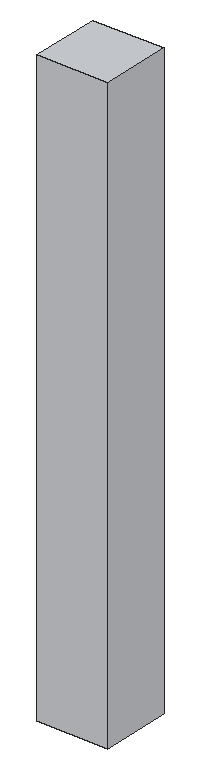
Revit family
Parameters (values of type "457 x 475mm")
  깊이 = 475 mm
  재료 = none
  간격띄우기 베이스 = 0 mm
  간격띄우기 상단 = 0 mm
  폭 = 475 mm
Types (3, lengths in mm): name | 깊이 | 폭
  475 x 610mm | 475 | 610
  610 x 610mm | 610 | 610
  457 x 475mm | 475 | 475
Reference planes
  plane 1: y = 0
  plane 2: z = 0
  plane 3: x = 0
  plane 4: z = 4000
  plane 5: z = 0
  plane 6: x = -237.5
  plane 7: x = 237.5
  plane 8: y = -237.5
  plane 9: y = 237.5
Forms (mm)
  Extrusion 1, solid, material <- "재료"
    sketch origin (0, 0, 0) x (1, 0, 0) y (0, 1, 0)
      loop
        line (-237.5, 237.5) -> (-237.5, -237.5) -> (237.5, -237.5) -> (237.5, 237.5) -> (-237.5, 237.5)
    from 0 to 4000
Dimensions and locks
  "간격띄우기 베이스": plane 5 to level
  "간격띄우기 상단": level to plane 4
  equal spacing: plane 6, plane 3, plane 7
  "폭": plane 6 to plane 7
  equal spacing: plane 8, plane 1, plane 9
  "깊이": plane 8 to plane 9
  aligned and locked: plane 4 to Extrusion 1
  aligned and locked: Extrusion 1 to plane 5
Automatic sketch dimensions
  Extrusion 1 sketch curve to plane 6 = 0 mm
  Extrusion 1 sketch curve to plane 7 = 0 mm
  Extrusion 1 sketch curve to plane 8 = 0 mm
  Extrusion 1 sketch curve to plane 9 = 0 mm
